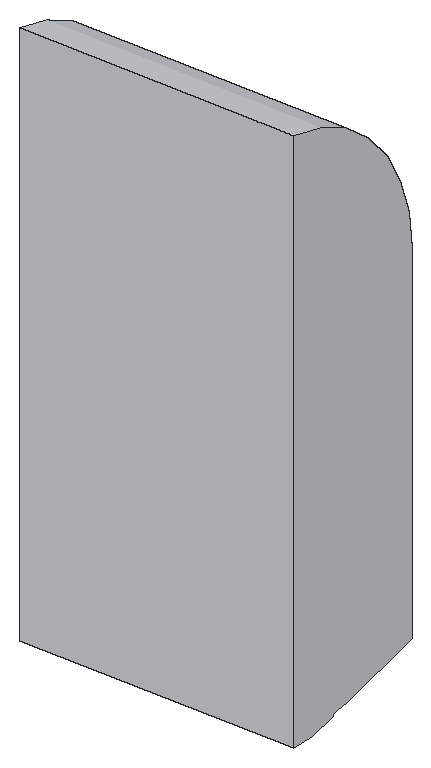
Revit family "DAN DRYER Stainless Design Mini Design 286", category Furniture Systems, host Wall, Revit 2017
Family settings
  Host = Wall
  Round Connector Dimension = Use Diameter
  Part Type = Normal
  Always vertical = Yes
  Cut with Voids When Loaded = No
  Shared = No
  Room Calculation Point = No
Parameters (values of type "Stål")
  Wicth = 267 mm
  URL = "http://www.dandryer.com/Files/Billeder/PDF/Datablade/Nye/Technical%20data%20sheet_%20286.pdf"
  Type Image = <None>
  Offset from Floor = 1400 mm
  Model = "Stainless design"
  Manufacturer = "http://www.dandryer.com/"
  Height = 536 mm
  Description = "STAINLESS DESIGN, Paper towel dispenser Art. no. 286"
  Cost = 0
Reference planes
  plane 1 "Wall": y = 0
  plane 2 "Center (Left/Right)": x = 125
  plane 3 "Back": y = 75
  plane 4 "Top": z = 1400
  plane 5 "Bund": z = 864
  plane 6: x = 258.5
  plane 7: x = -8.5
Forms (mm)
  Extrusion 1, solid
    sketch origin (125, 0, 0) x (0, 1, 0) y (0, 0, 1)
      loop
        line (75, 864) -> (97.679, 864) -> (219, 896.508) -> (219, 1237.508)
        arc (219, 1237.508) -> (177.82, 1346.066) -> (75, 1400) r 163.68
        line (75, 1400) -> (75, 864)
    from -133.5 to 133.5
  Extrusion 2, void
    sketch origin (125, 0, 0) x (0, 1, 0) y (0, 0, 1)
      loop
        line (138.213, 874.861) -> (138.213, 876.025) -> (122.85, 871.908) -> (122.85, 870.744) -> (138.213, 874.861)
    from -187.5 to 187.5
Cuts and joins
  Extrusion 2 cuts Extrusion 1
Text (mm)
  text "Placement Side" at (-1848.837, 1116.779, 0), in view "Ref. Level"
  text "Placement side" at (0, 1409.804, 2854.306), in view "Left"
  text "Placement side" at (0, 499.811, 2980.732), in view "Right"
Dimensions and locks
  locked: plane 3 "Back" to host wall
  "Height": plane 5 "Bund" to plane 4 "Top"
  equal spacing: plane 7, plane 2 "Center (Left/Right)", plane 6
  "Wicth": plane 7 to plane 6
  "Offset from Floor": level to plane 4 "Top"
  aligned and locked: plane 1 "Wall" to host wall
  aligned and locked: Extrusion 1 to plane 7
  aligned and locked: Extrusion 1 to plane 6
  aligned and locked: plane 4 "Top" to Extrusion 1 sketch curve
  aligned and locked: host wall to Extrusion 1 sketch curve
Automatic sketch dimensions
  Extrusion 1 sketch curve to plane 5 "Bund" = 0 mm
  Extrusion 1 sketch curve to host wall = 19.68 mm
  Extrusion 1 sketch curve to Extrusion 1 sketch curve = 22.679 mm
  plane 5 "Bund" to Extrusion 1 sketch curve = 32.508 mm
  Extrusion 1 sketch curve to Extrusion 1 sketch curve = 121.321 mm
  plane 5 "Bund" to Extrusion 2 sketch curve = 6.744 mm
  host wall to Extrusion 2 sketch curve = 47.85 mm
  Extrusion 2 sketch curve to Extrusion 2 sketch curve = 1.164 mm
  plane 5 "Bund" to Extrusion 2 sketch curve = 12.025 mm
  Extrusion 2 sketch curve to Extrusion 2 sketch curve = 15.364 mm
  plane 5 "Bund" to Extrusion 2 sketch curve = 10.861 mm
